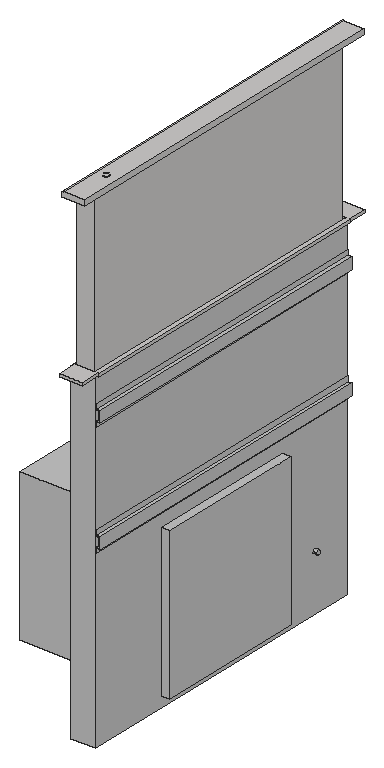
Revit family "FP_Revit_18_HD30_Downdraft_90001867A", category Specialty Equipment, Revit 2018
Family settings
  Round Connector Dimension = Use Radius
  Part Type = Normal
  OmniClass Number = 23.40.40.00
  OmniClass Title = Food Service Equipment and Furnishings
  Work Plane-Based = No
  Always vertical = Yes
  Cut with Voids When Loaded = Yes
  Shared = No
  Room Calculation Point = No
Parameters (values of type "HD30 without Blower")
  Visibility - Clearance Required = yes
  Visibility - Blower (HB600I) [instance] = yes
  URL = "www.fisherpaykel.com"
  Product - Width = 108 mm  # constant formula
  Product - Height (749mm - 1093mm) [instance] = 1093 mm
  Product - Depth = 770 mm  # constant formula
  Visibility - Outlet Front [instance] = no
  Visibility - Outlet Down [instance] = no
  Visibility - Outlet Back [instance] = yes
  Model = "HD30"
  Material - Trim = Fisher & Paykel - Stainless Steel
  Material - Body = Fisher & Paykel - Grey
  Manufacturer = "Fisher & Paykel Appliances"
  Keynote = ""
  FFL Offset [instance] = 915 mm
  Description = "Downdraft"
  Countertop Thickness [instance] = 20 mm
  Connector Description - Extraction = "10” (254 mm) ducting, 1200 CFM"
  Connector Description - Electrical (Downdraft) = "120 V, 60 Hz, 15 Amp fused circuit"
  Connector Description - Electrical (Blower HBD600I) = "120 V, 60 Hz, 2.8 A,"
  Chassis - Width = 54 mm  # constant formula
  Chassis - Height = 730 mm  # constant formula
  Chassis - Depth = 686 mm  # constant formula
  Cavity - Width = 343 mm  # constant formula
  Cavity - Depth = 699 mm  # constant formula
Types (5, lengths in mm): name | Visibility - Outlet Front | Visibility - Outlet Down | Visibility - Outlet Back | Model | Description | Connector Description - Extraction | Connector Description - Electrical (Blower HBD600I)
  (no name) | no | no | yes | "HD30" | "Downdraft" | "10” (254 mm) ducting, 1200 CFM" | "120 V, 60 Hz, 2.8 A,"
  HD30 with Blower HBD600I (Outlet Down) | no | yes | no | "HD30 Downdraft with Internal Blower HBD600I" | 0 | "6” (152 mm) ducting, 600 CFM" | "120 V, 60 Hz, 2.8 A, 600 CFM"
  HD30 with Blower HBD600I (Outlet Front) | yes | no | no | "HD30 Downdraft with Internal Blower HBD600I" | 0 | "6” (152 mm) ducting, 600 CFM" | "120 V, 60 Hz, 2.8 A, 600 CFM"
  HD30 without Blower | no | no | yes | "HD30" | "Downdraft" | "10” (254 mm) ducting, 1200 CFM" | "120 V, 60 Hz, 2.8 A,"
  HD30 with Blower HBD600I (Outlet Back) | no | no | yes | "HD30 Downdraft with Internal Blower HBD600I" | 0 | "6” (152 mm) ducting, 600 CFM" | "120 V, 60 Hz, 2.8 A, 600 CFM"
Reference planes
  plane 1 "Datum": y = 0
  plane 2: z = 0
  plane 3 "Center (Left/Right)": x = 0
  plane 4 "Product - Front": x = -61.2
  plane 5 "Product - Back": x = 46.4
  plane 6 "Product - RHS": y = 385
  plane 7 "Cavity - Back": x = 52
  plane 8 "Cavity - RHS": y = 349.5
  plane 9 "Chassis - Front": x = -27
  plane 10 "Chassis - Back": x = 27
  plane 11 "Countertop": z = 915
  plane 12 "Product - LHS": y = -385
  plane 13 "Cavity - LHS": y = -349.5
  plane 14 "Up/Down": z = 1278
  plane 15 "Cooktop Glass": x = -17.5
  plane 16 "Cavity - Front": x = -291
  plane 17 "Bottom": z = 185
Forms (mm)
  Extrusion 1, solid, material "Fisher & Paykel - Grey" <- "Material - Body"
    sketch origin (0, 0, 0) x (1, 0, 0) y (0, 0, 1)
      loop
        line (27, 185) -> (27, 915) -> (-27, 915) -> (-27, 185) -> (27, 185)
    from -343 to 343
  Extrusion 2, solid, material "Fisher & Paykel - Grey" <- "Material - Body"
    sketch origin (0, 0, 0) x (1, 0, 0) y (0, 0, 1)
      loop
        line (27, 859.5) -> (27, 847.5) -> (35, 847.5) -> (35, 826.5) -> (27, 826.5) -> (27, 814.5) -> (29, 814.5) -> (29, 824.5) -> (37, 824.5) -> (37, 849.5) -> (29, 849.5) -> (29, 859.5) -> (27, 859.5)
      loop
        line (27, 612.5) -> (27, 600.5) -> (35, 600.5) -> (35, 579.5) -> (27, 579.5) -> (27, 567.5) -> (29, 567.5) -> (29, 577.5) -> (37, 577.5) -> (37, 602.5) -> (29, 602.5) -> (29, 612.5) -> (27, 612.5)
    from -343 to 343
  Extrusion 3, solid, material "Fisher & Paykel - Grey" <- "Material - Body"
    sketch origin (0, 0, 0) x (0, 1, 0) y (0, 0, 1)
      loop
        line (-165, 540) -> (-165, 210) -> (165, 210) -> (165, 540) -> (-165, 540)
    from 27 to 46.4
  Extrusion 4, solid, material "Fisher & Paykel - Grey" <- "Material - Body", detail levels fine
    sketch origin (229.237, 0, 0) x (0, 1, 0) y (0, 0, 1)
      loop
        line (183, 355) -> (183, 220) -> (318, 220) -> (318, 355) -> (183, 355)
      loop
        line (-184, 405) -> (-319, 405) -> (-319, 235) -> (-184, 235) -> (-184, 405)
    from -266.237 to -256.237
  Extrusion 5, solid, material "Fisher & Paykel - Grey" <- "Material - Body"
    sketch origin (229.237, 0, 0) x (0, 1, 0) y (0, 0, 1)
      loop
        line (165, 540) -> (-165, 540) -> (-165, 210) -> (165, 210) -> (165, 540)
      loop
        circle (0, 375) r 127.013
    from -273.437 to -256.237
  Extrusion 6, solid, material "Fisher & Paykel - Grey" <- "Material - Body"
    sketch origin (229.237, 0, 1000) x (0, 1, 0) y (0, 0, 1)
      loop
        circle (0, -625) r 127.013
      loop
        circle (0, -625) r 125
    from -290.437 to -273.437
  Extrusion 7, solid, material "Fisher & Paykel - Stainless Steel" <- "Material - Trim", detail levels medium+fine
    sketch origin (0, 0, 0) x (1, 0, 0) y (0, 1, 0)
      loop
        line (-17.5, -385) -> (32.5, -385) -> (32.5, -343) -> (34, -343) -> (34, 343) -> (32.5, 343) -> (32.5, 385) -> (-17.5, 385) -> (-17.5, 343) -> (25, 343) -> (25, -343) -> (-17.5, -343) -> (-17.5, -385)
    from 915 to 921
  Extrusion 8, solid, material "Fisher & Paykel - Stainless Steel" <- "Material - Trim"
    sketch origin (0, 0, 0) x (1, 0, 0) y (0, 1, 0)
      loop
        line (20.5, 337.5) -> (-17.5, 337.5) -> (-17.5, -337.5) -> (20.5, -337.5) -> (20.5, 337.5)
    from 185 to 1265
  Extrusion 9, solid, material "Fisher & Paykel - Stainless Steel" <- "Material - Trim"
    sketch origin (0, 0, 0) x (1, 0, 0) y (0, 0, 1)
      loop
        line (33.5, 1265) -> (33.5, 1278) -> (-10.549, 1278)
        arc (-10.549, 1278) -> (-15.464, 1275.964) -> (-17.5, 1271.049) r 6.951
        line (-17.5, 1271.049) -> (-17.5, 1265) -> (33.5, 1265)
    from -381 to 381
  Extrusion 10, void
    sketch origin (0, 0, 0) x (0, 1, 0) y (0, 0, 1)
      loop
        line (-315.5, 1250) -> (-315.5, 930) -> (315.5, 930) -> (315.5, 1250) -> (-315.5, 1250)
    from -17.5 to -16.5
  Extrusion 11, solid, material "Fisher & Paykel - Grey" <- "Material - Body"
    sketch origin (0, 0, 0) x (0, 1, 0) y (0, 0, 1)
      loop
        circle (253, 310) r 4
    from 27 to 37
  Extrusion 12, solid, material "Fisher & Paykel - Grey"
    sketch origin (0, 0, 0) x (1, 0, 0) y (0, 1, 0)
      loop
        circle (8, -291) r 7
    from 1265 to 1278
  Extrusion 13, solid, material "Fisher & Paykel - Stainless Steel" <- "Material - Trim", detail levels fine
    sketch origin (0, 0, 0) x (1, 0, 0) y (0, 1, 0)
      loop
        circle (8, -291) r 6.7
    from 1265 to 1278
  Extrusion 14, solid, material "Fisher & Paykel - Clearance Required (Cutout)", detail levels coarse
    sketch origin (-161.164, 0, 0) x (1, 0, 0) y (0, 0, 1)
      loop
        line (-129.836, 895) -> (-129.836, 0) -> (213.164, 0) -> (213.164, 895) -> (-129.836, 895)
    from -349.5 to 349.5
  Extrusion 15, solid, material "Fisher & Paykel - Grey" <- "Material - Body", visible <- "Visibility - Blower (HB600I)", detail levels medium+fine
    sketch origin (202.237, 0, 375) x (0, 1, 0) y (0, 0, 1)
      loop
        line (182.5, 182.5) -> (-182.5, 182.5) -> (-182.5, -182.5) -> (182.5, -182.5) -> (182.5, 182.5)
      loop
        line (165, 165) -> (-165, 165) -> (-165, -165) -> (165, -165) -> (165, 165)
    from -231.237 to -229.237
  Extrusion 16, solid, material "Fisher & Paykel - Grey" <- "Material - Body", visible <- "Visibility - Blower (HB600I)"
    sketch origin (202.237, 0, 375) x (0, 1, 0) y (0, 0, 1)
      loop
        line (165, 165) -> (-165, 165) -> (-165, -165) -> (165, -165) -> (165, 165)
    from -483.237 to -231.237
  Extrusion 17, solid, material "Fisher & Paykel - Grey" <- "Material - Body", visible <- "Visibility - Outlet Front"
    sketch origin (-27, 0, 375) x (1, 0, 0) y (0, 0, 1)
      loop
        circle (-149.905, 0) r 75
      loop
        circle (-149.905, 0) r 74
    from 165 to 227.5
  Extrusion 18, solid, material "Fisher & Paykel - Grey" <- "Material - Body", visible <- "Visibility - Blower (HB600I)"
    sketch origin (-27, -0.716, 375) x (1, 0, 0) y (0, 0, 1)
      loop
        circle (-149.905, 0) r 3.5
    from -1.716 to -0.716
  Extrusion 19, solid, material "Fisher & Paykel - Grey" <- "Material - Body", visible <- "Visibility - Outlet Back"
    sketch origin (-27, 0, 375) x (1, 0, 0) y (0, 0, -1)
      loop
        circle (-149.905, 0) r 75
      loop
        circle (-149.905, 0) r 74
    from 165 to 227.5
  Extrusion 20, solid, material "Fisher & Paykel - Grey" <- "Material - Body", visible <- "Visibility - Outlet Down"
    sketch origin (-27, 0, 375) x (1, 0, 0) y (0, 1, 0)
      loop
        circle (-149.905, 0) r 75
      loop
        circle (-149.905, 0) r 74
    from -227.5 to -165
  Extrusion 21, solid, material "Fisher & Paykel - Grey" <- "Material - Body", visible <- "Visibility - Blower (HB600I)", not visible, detail levels medium+fine
    sketch origin (202.237, 0, 375) x (0, 1, 0) y (0, 0, 1)
      loop
        line (182.5, 182.5) -> (-182.5, 182.5) -> (-182.5, -182.5) -> (182.5, -182.5) -> (182.5, 182.5)
      loop
        line (165, 165) -> (-165, 165) -> (-165, -165) -> (165, -165) -> (165, 165)
    from -231.237 to -229.237
  Extrusion 22, solid, material "Fisher & Paykel - Grey" <- "Material - Body", visible <- "Visibility - Blower (HB600I)", not visible
    sketch origin (202.237, 0, 375) x (0, 1, 0) y (0, 0, 1)
      loop
        line (165, 165) -> (-165, 165) -> (-165, -165) -> (165, -165) -> (165, 165)
    from -483.237 to -231.237
  Extrusion 23, solid, material "Fisher & Paykel - Grey" <- "Material - Body", visible <- "Visibility - Outlet Front", not visible
    sketch origin (-27, 0, 375) x (1, 0, 0) y (0, 0, 1)
      loop
        circle (-149.905, 0) r 75
      loop
        circle (-149.905, 0) r 74
    from 165 to 227.5
  Extrusion 24, solid, material "Fisher & Paykel - Grey" <- "Material - Body", visible <- "Visibility - Blower (HB600I)", not visible
    sketch origin (-27, -0.716, 375) x (1, 0, 0) y (0, 0, 1)
      loop
        circle (-149.905, 0) r 3.5
    from -1.716 to -0.716
  Extrusion 25, solid, material "Fisher & Paykel - Grey" <- "Material - Body", visible <- "Visibility - Outlet Back", not visible
    sketch origin (-27, 0, 375) x (1, 0, 0) y (0, 0, -1)
      loop
        circle (-149.905, 0) r 75
      loop
        circle (-149.905, 0) r 74
    from 165 to 227.5
  Extrusion 26, solid, material "Fisher & Paykel - Grey" <- "Material - Body", visible <- "Visibility - Outlet Down", not visible
    sketch origin (-27, 0, 375) x (1, 0, 0) y (0, 1, 0)
      loop
        circle (-149.905, 0) r 75
      loop
        circle (-149.905, 0) r 74
    from -227.5 to -165
  Extrusion 27, void
    sketch origin (-161.164, 0, 0) x (1, 0, 0) y (0, 0, 1)
      loop
        line (-129.836, 895) -> (-129.836, 0) -> (213.164, 0) -> (213.164, 895) -> (-129.836, 895)
    from -349.5 to 349.5
  Extrusion 28, void
    sketch origin (229.237, 0, 0) x (0, 1, 0) y (0, 0, 1)
      loop
        arc (304.5, 1201.5) -> (299.5, 1206.5) -> (294.5, 1201.5) r 5
        line (294.5, 1201.5) -> (294.5, 1091.5)
        arc (294.5, 1091.5) -> (299.5, 1086.5) -> (304.5, 1091.5) r 5
        line (304.5, 1091.5) -> (304.5, 1201.5)
      loop
        arc (280.833, 1201.5) -> (275.833, 1206.5) -> (270.833, 1201.5) r 5
        line (270.833, 1201.5) -> (270.833, 1091.5)
        arc (270.833, 1091.5) -> (275.833, 1086.5) -> (280.833, 1091.5) r 5
        line (280.833, 1091.5) -> (280.833, 1201.5)
      loop
        arc (257.167, 1201.5) -> (252.167, 1206.5) -> (247.167, 1201.5) r 5
        line (247.167, 1201.5) -> (247.167, 1091.5)
        arc (247.167, 1091.5) -> (252.167, 1086.5) -> (257.167, 1091.5) r 5
        line (257.167, 1091.5) -> (257.167, 1201.5)
      loop
        arc (233.5, 1201.5) -> (228.5, 1206.5) -> (223.5, 1201.5) r 5
        line (223.5, 1201.5) -> (223.5, 1091.5)
        arc (223.5, 1091.5) -> (228.5, 1086.5) -> (233.5, 1091.5) r 5
        line (233.5, 1091.5) -> (233.5, 1201.5)
      loop
        arc (209.833, 1201.5) -> (204.833, 1206.5) -> (199.833, 1201.5) r 5
        line (199.833, 1201.5) -> (199.833, 1091.5)
        arc (199.833, 1091.5) -> (204.833, 1086.5) -> (209.833, 1091.5) r 5
        line (209.833, 1091.5) -> (209.833, 1201.5)
      loop
        arc (186.167, 1201.5) -> (181.167, 1206.5) -> (176.167, 1201.5) r 5
        line (176.167, 1201.5) -> (176.167, 1091.5)
        arc (176.167, 1091.5) -> (181.167, 1086.5) -> (186.167, 1091.5) r 5
        line (186.167, 1091.5) -> (186.167, 1201.5)
      loop
        arc (162.5, 1201.5) -> (157.5, 1206.5) -> (152.5, 1201.5) r 5
        line (152.5, 1201.5) -> (152.5, 1091.5)
        arc (152.5, 1091.5) -> (157.5, 1086.5) -> (162.5, 1091.5) r 5
        line (162.5, 1091.5) -> (162.5, 1201.5)
      loop
        arc (138.833, 1201.5) -> (133.833, 1206.5) -> (128.833, 1201.5) r 5
        line (128.833, 1201.5) -> (128.833, 1091.5)
        arc (128.833, 1091.5) -> (133.833, 1086.5) -> (138.833, 1091.5) r 5
        line (138.833, 1091.5) -> (138.833, 1201.5)
      loop
        arc (115.167, 1201.5) -> (110.167, 1206.5) -> (105.167, 1201.5) r 5
        line (105.167, 1201.5) -> (105.167, 1091.5)
        arc (105.167, 1091.5) -> (110.167, 1086.5) -> (115.167, 1091.5) r 5
        line (115.167, 1091.5) -> (115.167, 1201.5)
      loop
        arc (91.5, 1201.5) -> (86.5, 1206.5) -> (81.5, 1201.5) r 5
        line (81.5, 1201.5) -> (81.5, 1091.5)
        arc (81.5, 1091.5) -> (86.5, 1086.5) -> (91.5, 1091.5) r 5
        line (91.5, 1091.5) -> (91.5, 1201.5)
      loop
        arc (67.833, 1201.5) -> (62.833, 1206.5) -> (57.833, 1201.5) r 5
        line (57.833, 1201.5) -> (57.833, 1091.5)
        arc (57.833, 1091.5) -> (62.833, 1086.5) -> (67.833, 1091.5) r 5
        line (67.833, 1091.5) -> (67.833, 1201.5)
      loop
        arc (44.167, 1201.5) -> (39.167, 1206.5) -> (34.167, 1201.5) r 5
        line (34.167, 1201.5) -> (34.167, 1091.5)
        arc (34.167, 1091.5) -> (39.167, 1086.5) -> (44.167, 1091.5) r 5
        line (44.167, 1091.5) -> (44.167, 1201.5)
      loop
        arc (20.5, 1201.5) -> (15.5, 1206.5) -> (10.5, 1201.5) r 5
        line (10.5, 1201.5) -> (10.5, 1091.5)
        arc (10.5, 1091.5) -> (15.5, 1086.5) -> (20.5, 1091.5) r 5
        line (20.5, 1091.5) -> (20.5, 1201.5)
      loop
        arc (-10.5, 1201.5) -> (-15.5, 1206.5) -> (-20.5, 1201.5) r 5
        line (-20.5, 1201.5) -> (-20.5, 1091.5)
        arc (-20.5, 1091.5) -> (-15.5, 1086.5) -> (-10.5, 1091.5) r 5
        line (-10.5, 1091.5) -> (-10.5, 1201.5)
      loop
        arc (-34.167, 1201.5) -> (-39.167, 1206.5) -> (-44.167, 1201.5) r 5
        line (-44.167, 1201.5) -> (-44.167, 1091.5)
        arc (-44.167, 1091.5) -> (-39.167, 1086.5) -> (-34.167, 1091.5) r 5
        line (-34.167, 1091.5) -> (-34.167, 1201.5)
      loop
        arc (-57.833, 1201.5) -> (-62.833, 1206.5) -> (-67.833, 1201.5) r 5
        line (-67.833, 1201.5) -> (-67.833, 1091.5)
        arc (-67.833, 1091.5) -> (-62.833, 1086.5) -> (-57.833, 1091.5) r 5
        line (-57.833, 1091.5) -> (-57.833, 1201.5)
      loop
        arc (-81.5, 1201.5) -> (-86.5, 1206.5) -> (-91.5, 1201.5) r 5
        line (-91.5, 1201.5) -> (-91.5, 1091.5)
        arc (-91.5, 1091.5) -> (-86.5, 1086.5) -> (-81.5, 1091.5) r 5
        line (-81.5, 1091.5) -> (-81.5, 1201.5)
      loop
        arc (-105.167, 1201.5) -> (-110.167, 1206.5) -> (-115.167, 1201.5) r 5
        line (-115.167, 1201.5) -> (-115.167, 1091.5)
        arc (-115.167, 1091.5) -> (-110.167, 1086.5) -> (-105.167, 1091.5) r 5
        line (-105.167, 1091.5) -> (-105.167, 1201.5)
      loop
        arc (-128.833, 1201.5) -> (-133.833, 1206.5) -> (-138.833, 1201.5) r 5
        line (-138.833, 1201.5) -> (-138.833, 1091.5)
        arc (-138.833, 1091.5) -> (-133.833, 1086.5) -> (-128.833, 1091.5) r 5
        line (-128.833, 1091.5) -> (-128.833, 1201.5)
      loop
        arc (-152.5, 1201.5) -> (-157.5, 1206.5) -> (-162.5, 1201.5) r 5
        line (-162.5, 1201.5) -> (-162.5, 1091.5)
        arc (-162.5, 1091.5) -> (-157.5, 1086.5) -> (-152.5, 1091.5) r 5
        line (-152.5, 1091.5) -> (-152.5, 1201.5)
      loop
        arc (-176.167, 1201.5) -> (-181.167, 1206.5) -> (-186.167, 1201.5) r 5
        line (-186.167, 1201.5) -> (-186.167, 1091.5)
        arc (-186.167, 1091.5) -> (-181.167, 1086.5) -> (-176.167, 1091.5) r 5
        line (-176.167, 1091.5) -> (-176.167, 1201.5)
      loop
        arc (-199.833, 1201.5) -> (-204.833, 1206.5) -> (-209.833, 1201.5) r 5
        line (-209.833, 1201.5) -> (-209.833, 1091.5)
        arc (-209.833, 1091.5) -> (-204.833, 1086.5) -> (-199.833, 1091.5) r 5
        line (-199.833, 1091.5) -> (-199.833, 1201.5)
      loop
        arc (-223.5, 1201.5) -> (-228.5, 1206.5) -> (-233.5, 1201.5) r 5
        line (-233.5, 1201.5) -> (-233.5, 1091.5)
        arc (-233.5, 1091.5) -> (-228.5, 1086.5) -> (-223.5, 1091.5) r 5
        line (-223.5, 1091.5) -> (-223.5, 1201.5)
      loop
        arc (-247.167, 1201.5) -> (-252.167, 1206.5) -> (-257.167, 1201.5) r 5
        line (-257.167, 1201.5) -> (-257.167, 1091.5)
        arc (-257.167, 1091.5) -> (-252.167, 1086.5) -> (-247.167, 1091.5) r 5
        line (-247.167, 1091.5) -> (-247.167, 1201.5)
      loop
        arc (-270.833, 1201.5) -> (-275.833, 1206.5) -> (-280.833, 1201.5) r 5
        line (-280.833, 1201.5) -> (-280.833, 1091.5)
        arc (-280.833, 1091.5) -> (-275.833, 1086.5) -> (-270.833, 1091.5) r 5
        line (-270.833, 1091.5) -> (-270.833, 1201.5)
      loop
        arc (-294.5, 1201.5) -> (-299.5, 1206.5) -> (-304.5, 1201.5) r 5
        line (-304.5, 1201.5) -> (-304.5, 1091.5)
        arc (-304.5, 1091.5) -> (-299.5, 1086.5) -> (-294.5, 1091.5) r 5
        line (-294.5, 1091.5) -> (-294.5, 1201.5)
    from -246.737 to -229.237
Cuts and joins
  Extrusion 10, Extrusion 28 cuts Extrusion 8
Text (mm)
  text "Due to ongoing product development, product details are subject to change without notice. \nPlease always refer to www.fisherpaykel.com for the most current product information. \n© Fisher & Paykel 2020" at (46.228, -926.278, 0), in view "Ref. Level (Plan)"
Dimensions and locks
  equal spacing: plane 9 "Chassis - Front", plane 3 "Center (Left/Right)", plane 10 "Chassis - Back"
  locked: plane 11 "Countertop" to Extrusion 11 sketch curve at 605
  locked: plane 11 "Countertop" to Extrusion 3 sketch curve at 705
  locked: Extrusion 3 sketch curve to plane 11 "Countertop" at 375
  locked: plane 11 "Countertop" to Extrusion 4 sketch curve at 560
  locked: Extrusion 4 sketch curve to plane 11 "Countertop" at 695
  locked: Extrusion 4 sketch curve to plane 11 "Countertop" at 510
  locked: plane 11 "Countertop" to Extrusion 4 sketch curve at 680
  locked: plane 11 "Countertop" to Extrusion 1 at 730
  locked: plane 11 "Countertop" to Extrusion 3 at 375  (x2)
  locked: Extrusion 3 to plane 11 "Countertop" at 705
  locked: plane 11 "Countertop" to Extrusion 3 at 705
  locked: plane 11 "Countertop" to Extrusion 6 sketch curve at 540
  locked: Extrusion 10 sketch curve to plane 14 "Up/Down" at 28
  locked: Extrusion 10 sketch curve to plane 14 "Up/Down" at 348
  locked: plane 11 "Countertop" to Extrusion 5 sketch curve at 540
  locked: plane 11 "Countertop" to Extrusion 5 at 375
  locked: plane 11 "Countertop" to Extrusion 5 at 705
  equal spacing: plane 6 "Product - RHS", plane 1 "Datum", plane 12 "Product - LHS"
  equal spacing: plane 13 "Cavity - LHS", plane 1 "Datum", plane 8 "Cavity - RHS"
  Extrusion 14 sketch curve to Extrusion 1 = 264 mm
  locked: plane 3 "Center (Left/Right)" to plane 5 "Product - Back" at 46.4
  "Countertop Thickness": plane 11 "Countertop" to Extrusion 14
  "FFL Offset": plane 11 "Countertop" to level
  locked: plane 7 "Cavity - Back" to Extrusion 1 at 25
  locked: plane 4 "Product - Front" to plane 3 "Center (Left/Right)" at 61.2
  Extrusion 15 to Extrusion 15 = 365 mm
  Extrusion 16 to Extrusion 16 = 330 mm
  locked: Extrusion 20 to Extrusion 16 at 62.5
  locked: Extrusion 16 to plane 9 "Chassis - Front" at 254
  locked: plane 16 "Cavity - Front" to Extrusion 16 at 10
  locked: Extrusion 7 to plane 11 "Countertop" at 6
  locked: plane 14 "Up/Down" to Extrusion 9 at 13
  "Product - Height (749mm - 1093mm)": plane 14 "Up/Down" to plane 17 "Bottom"
  "Chassis - Height": plane 11 "Countertop" to plane 17 "Bottom"
  "Cavity - Width": plane 16 "Cavity - Front" to plane 7 "Cavity - Back"
  "Chassis - Width": plane 9 "Chassis - Front" to plane 10 "Chassis - Back"
  plane 4 "Product - Front" to plane 5 "Product - Back" = 107.6 mm
  "Cavity - Depth": plane 13 "Cavity - LHS" to plane 8 "Cavity - RHS"
  equal spacing: Extrusion 1, plane 1 "Datum", Extrusion 1
  "Chassis - Depth": Extrusion 1 to Extrusion 1
  "Product - Depth": plane 6 "Product - RHS" to plane 12 "Product - LHS"
  locked: Extrusion 28 sketch curve to plane 14 "Up/Down" at 76.5  (x2)
  locked: Extrusion 28 sketch curve to plane 14 "Up/Down" at 186.5  (x2)
  locked: plane 11 "Countertop" to Extrusion 16 at 375
  aligned and locked: level to plane 2
  aligned and locked: Extrusion 3 to plane 10 "Chassis - Back"
  aligned and locked: Extrusion 4 to plane 9 "Chassis - Front"
  aligned and locked: Extrusion 5 to plane 9 "Chassis - Front"
  aligned and locked: plane 4 "Product - Front" to Extrusion 6
  aligned and locked: Extrusion 6 to Extrusion 5
  aligned and locked: Extrusion 7 to plane 11 "Countertop"
  aligned and locked: cut or joined group of Extrusion 8, Extrusion 10, Extrusion 28 to cut or joined group of Extrusion 8, Extrusion 10, Extrusion 28
  aligned and locked: Extrusion 11 to plane 10 "Chassis - Back"
  aligned and locked: plane 14 "Up/Down" to Extrusion 9
  aligned and locked: plane 11 "Countertop" to Extrusion 1
  aligned and locked: plane 2 to Extrusion 14 sketch curve
  aligned and locked: Extrusion 16 to Extrusion 15
  aligned and locked: Extrusion 17 to Extrusion 16
  aligned and locked: Extrusion 15 sketch curve to Extrusion 16  (x4)
  aligned and locked: Extrusion 19 to Extrusion 16
  aligned and locked: Extrusion 20 to Extrusion 16
  aligned and locked: Extrusion 15 to Extrusion 1
  aligned and locked: Extrusion 21 sketch curve to Extrusion 22  (x4)
  aligned and locked: Extrusion 27 to Extrusion 14  (x2)
  aligned and locked: Extrusion 27 to plane 7 "Cavity - Back"
  aligned and locked: Extrusion 27 to level
  aligned and locked: Extrusion 1 to Extrusion 8
  aligned and locked: cut or joined group of Extrusion 8, Extrusion 10, Extrusion 28 to Extrusion 9
  aligned and locked: Extrusion 13 to plane 14 "Up/Down"
  aligned and locked: Extrusion 12 to plane 14 "Up/Down"
  aligned and locked: Extrusion 9 to Extrusion 13
  aligned and locked: Extrusion 9 to Extrusion 12
  aligned and locked: Extrusion 1 to plane 17 "Bottom"
  aligned and locked: Extrusion 28 to plane 15 "Cooktop Glass"
  aligned and locked: Extrusion 1 to Extrusion 2  (x2)
  aligned and locked: Extrusion 27 to plane 8 "Cavity - RHS"
  aligned and locked: Extrusion 14 to plane 8 "Cavity - RHS"
  aligned and locked: Extrusion 27 to plane 13 "Cavity - LHS"
  aligned and locked: Extrusion 14 to plane 13 "Cavity - LHS"
Automatic sketch dimensions
  Extrusion 15 sketch curve to Extrusion 15 sketch curve = 17.5 mm  (x4)
  Extrusion 16 sketch curve to Extrusion 16 sketch curve = 330 mm  (x2)
  Extrusion 17 sketch curve to Extrusion 17 sketch curve = 0 mm  (x4)
  Extrusion 19 sketch curve to Extrusion 19 sketch curve = 0 mm  (x4)
  Extrusion 20 sketch curve to Extrusion 20 sketch curve = 0 mm  (x4)
  Extrusion 21 sketch curve to Extrusion 21 sketch curve = 17.5 mm  (x4)
  Extrusion 22 sketch curve to Extrusion 22 sketch curve = 330 mm  (x2)
  Extrusion 23 sketch curve to Extrusion 23 sketch curve = 0 mm  (x4)
  Extrusion 25 sketch curve to Extrusion 25 sketch curve = 0 mm  (x4)
  Extrusion 26 sketch curve to Extrusion 26 sketch curve = 0 mm  (x4)
  Extrusion 1 sketch curve to plane 11 "Countertop" = 0 mm
  Extrusion 1 sketch curve to plane 9 "Chassis - Front" = 0 mm
  plane 10 "Chassis - Back" to Extrusion 1 sketch curve = 0 mm
  Extrusion 1 sketch curve to plane 17 "Bottom" = 0 mm
  Extrusion 2 sketch curve to plane 10 "Chassis - Back" = 0 mm  (x4)
  plane 10 "Chassis - Back" to Extrusion 2 sketch curve = 2 mm  (x4)
  Extrusion 2 sketch curve to Extrusion 2 sketch curve = 6 mm  (x2)
  Extrusion 2 sketch curve to Extrusion 2 sketch curve = 2 mm  (x6)
  Extrusion 2 sketch curve to plane 11 "Countertop" = 347.5 mm
  Extrusion 2 sketch curve to Extrusion 2 sketch curve = 10 mm  (x4)
  Extrusion 2 sketch curve to Extrusion 2 sketch curve = 21 mm  (x2)
  Extrusion 2 sketch curve to plane 11 "Countertop" = 100.5 mm
  plane 1 "Datum" to Extrusion 3 sketch curve = 165 mm
  Extrusion 3 sketch curve to plane 1 "Datum" = 165 mm
  plane 13 "Cavity - LHS" to Extrusion 4 sketch curve = 30.5 mm
  Extrusion 4 sketch curve to Extrusion 4 sketch curve = 135 mm
  plane 8 "Cavity - RHS" to Extrusion 4 sketch curve = 166.5 mm
  plane 8 "Cavity - RHS" to Extrusion 4 sketch curve = 31.5 mm
  Extrusion 5 sketch curve to plane 1 "Datum" = 0 mm
  plane 17 "Bottom" to Extrusion 5 sketch curve = 25 mm
  plane 1 "Datum" to Extrusion 5 sketch curve = 165 mm
  Extrusion 5 sketch curve to plane 1 "Datum" = 165 mm
  Extrusion 5 sketch curve to Extrusion 5 sketch curve = 165 mm
  Extrusion 6 sketch curve to Extrusion 6 sketch curve = 0 mm  (x2)
  Extrusion 6 sketch curve to plane 1 "Datum" = 0 mm
  plane 12 "Product - LHS" to Extrusion 7 sketch curve = 0 mm
  Extrusion 7 sketch curve to plane 15 "Cooktop Glass" = 0 mm  (x2)
  Extrusion 7 sketch curve to plane 6 "Product - RHS" = 0 mm
  Extrusion 7 sketch curve to plane 10 "Chassis - Back" = 2 mm
  plane 10 "Chassis - Back" to Extrusion 7 sketch curve = 5.5 mm  (x2)
  Extrusion 7 sketch curve to Extrusion 7 sketch curve = 1.5 mm
  plane 13 "Cavity - LHS" to Extrusion 7 sketch curve = 6.5 mm  (x2)
  plane 8 "Cavity - RHS" to Extrusion 7 sketch curve = 6.5 mm  (x2)
  Extrusion 8 sketch curve to plane 15 "Cooktop Glass" = 0 mm
  Extrusion 8 sketch curve to plane 10 "Chassis - Back" = 6.5 mm
  plane 13 "Cavity - LHS" to Extrusion 8 sketch curve = 12 mm
  plane 8 "Cavity - RHS" to Extrusion 8 sketch curve = 12 mm
  Extrusion 9 sketch curve to plane 15 "Cooktop Glass" = 0 mm
  Extrusion 9 sketch curve to plane 14 "Up/Down" = 0 mm
  plane 15 "Cooktop Glass" to Extrusion 9 sketch curve = 6.951 mm
  plane 10 "Chassis - Back" to Extrusion 9 sketch curve = 6.5 mm
  plane 14 "Up/Down" to Extrusion 9 sketch curve = 13 mm
  plane 13 "Cavity - LHS" to Extrusion 10 sketch curve = 34 mm
  plane 8 "Cavity - RHS" to Extrusion 10 sketch curve = 34 mm
  plane 8 "Cavity - RHS" to Extrusion 11 sketch curve = 96.5 mm
  plane 3 "Center (Left/Right)" to Extrusion 12 sketch curve = 8 mm
  plane 13 "Cavity - LHS" to Extrusion 12 sketch curve = 58.5 mm
  plane 3 "Center (Left/Right)" to Extrusion 13 sketch curve = 8 mm
  plane 13 "Cavity - LHS" to Extrusion 13 sketch curve = 58.5 mm
  plane 7 "Cavity - Back" to Extrusion 14 sketch curve = 0 mm
  Extrusion 14 sketch curve to plane 11 "Countertop" = 20 mm
  Extrusion 27 sketch curve to level = 0 mm
  Extrusion 27 sketch curve to plane 16 "Cavity - Front" = 0 mm
  plane 7 "Cavity - Back" to Extrusion 27 sketch curve = 0 mm
  Extrusion 27 sketch curve to plane 11 "Countertop" = 20 mm
  plane 13 "Cavity - LHS" to Extrusion 28 sketch curve = 45 mm
  Extrusion 28 sketch curve to Extrusion 28 sketch curve = 5 mm  (x26)
  Extrusion 28 sketch curve to Extrusion 28 sketch curve = 13.667 mm  (x24)
  Extrusion 28 sketch curve to plane 1 "Datum" = 10.5 mm
  Extrusion 28 sketch curve to Extrusion 28 sketch curve = 0 mm  (x46)
  plane 14 "Up/Down" to Extrusion 28 sketch curve = 76.5 mm  (x2)
  radius of Extrusion 17 sketch curve = 75 mm
  radius of Extrusion 17 sketch curve = 74 mm
  radius of Extrusion 18 sketch curve = 3.5 mm
  radius of Extrusion 19 sketch curve = 75 mm
  radius of Extrusion 19 sketch curve = 74 mm
  radius of Extrusion 20 sketch curve = 75 mm
  radius of Extrusion 20 sketch curve = 74 mm
  radius of Extrusion 23 sketch curve = 75 mm
  radius of Extrusion 23 sketch curve = 74 mm
  radius of Extrusion 24 sketch curve = 3.5 mm
  radius of Extrusion 25 sketch curve = 75 mm
  radius of Extrusion 25 sketch curve = 74 mm
  radius of Extrusion 26 sketch curve = 75 mm
  radius of Extrusion 26 sketch curve = 74 mm
  radius of Extrusion 5 sketch curve = 127.013 mm
  radius of Extrusion 6 sketch curve = 127.013 mm
  radius of Extrusion 6 sketch curve = 125 mm
  radius of Extrusion 11 sketch curve = 4 mm
  radius of Extrusion 12 sketch curve = 7 mm
  radius of Extrusion 13 sketch curve = 6.7 mm
Connectors
  hvac at (-61.2, 0, 375), driven by "Connector Description - Extraction"
    settings: on Extrusion 6, index 1, duct flow 0.0 L/s, flow factor 0, pres drop 0.0 Pa, loss coef 0, conn angle 0.00°, conn width 304.8 mm, conn height 304.8 mm, conn diameter 254 mm, duct sys type 4, conn prof type 0, flow config 0, flow direction 2, loss method 0, conn ref index -1, conn util no, is conn primary yes, conn desc "10” (254 mm) ducting, 1200 CFM"
  hvac at (-176.905, -227.5, 375), driven by "Connector Description - Extraction"
    settings: on Extrusion 17, index 2, duct flow 0.0 L/s, flow factor 0, pres drop 0.0 Pa, loss coef 0, conn angle 0.00°, conn width 304.8 mm, conn height 304.8 mm, conn diameter 150 mm, duct sys type 4, conn prof type 0, flow config 0, flow direction 2, loss method 0, conn ref index -1, conn util no, is conn primary no, conn desc "10” (254 mm) ducting, 1200 CFM"
  hvac at (-176.905, 227.5, 375), driven by "Connector Description - Extraction"
    settings: on Extrusion 19, index 3, duct flow 0.0 L/s, flow factor 0, pres drop 0.0 Pa, loss coef 0, conn angle 0.00°, conn width 304.8 mm, conn height 304.8 mm, conn diameter 150 mm, duct sys type 4, conn prof type 0, flow config 0, flow direction 2, loss method 0, conn ref index -1, conn util no, is conn primary no, conn desc "10” (254 mm) ducting, 1200 CFM"
  hvac at (-176.905, 0, 147.5), driven by "Connector Description - Extraction"
    settings: on Extrusion 20, index 4, duct flow 0.0 L/s, flow factor 0, pres drop 0.0 Pa, loss coef 0, conn angle 0.00°, conn width 304.8 mm, conn height 304.8 mm, conn diameter 150 mm, duct sys type 4, conn prof type 0, flow config 0, flow direction 2, loss method 0, conn ref index -1, conn util no, is conn primary no, conn desc "10” (254 mm) ducting, 1200 CFM"
  electrical at (37, 253, 310), driven by "Connector Description - Electrical (Downdraft)"
    settings: on Extrusion 11, index 5, voltage 120 V, apparent load 0 VA, apparent load phase1 0 VA, apparent load phase2 0 VA, apparent load phase3 0 VA, power factor 1, load classification "Other", number of poles 1, system type 30, power factor state 1, is connector primary yes, connector utility no, sub classification motor no, connector description "120 V, 60 Hz, 15 Amp fused circuit"
  electrical at (-176.905, 1, 375), driven by "Connector Description - Electrical (Blower HBD600I)"
    settings: on Extrusion 18, index 6, voltage 120 V, apparent load 0 VA, apparent load phase1 0 VA, apparent load phase2 0 VA, apparent load phase3 0 VA, power factor 1, load classification "Other", number of poles 1, system type 30, power factor state 1, is connector primary no, connector utility no, sub classification motor no, connector description "120 V, 60 Hz, 2.8 A,"
